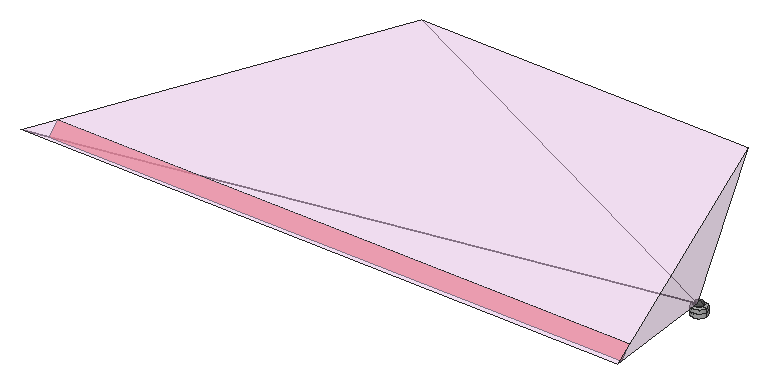
Revit family "Camera-Security-Panasonic-Super_Dynamic-Vandal_Resistant-Waterproof-Dome-Network-S2531LNSeriesX", category Security Devices, host Face, Revit 2016
Family settings
  Host = Face
  Maintain Annotation Orientation = No
  Part Type = Normal
  Round Connector Dimension = Use Diameter
  OmniClass Number = 23.85.10.14.11
  OmniClass Title = Cameras
  Cut with Voids When Loaded = No
  Shared = No
  Room Calculation Point = No
Parameters (values of type "WV-S2531LN")
  z Zero = 0.000"  # constant formula
  z Yaw Actual [instance] = if(and(On Wall, not(On Ceiling)), Yaw Actual, Yaw Actual + 180.00°)  # 180.00°
  z VV Viewpoint Depth Min = 0.82283"
  z VV Viewpoint Depth Max = 1.15354"
  z VV Viewpoint Depth [instance] = (z VV Viewpoint Depth Max - z VV Viewpoint Depth Min) * z HFOV Ratio + z VV Viewpoint Depth Min  # 0.95003"
  z VV Origin Horizontal Offset [instance] = 0.000"
  z VV Origin HeightX [instance] = if(z Camera Type = 1, 2.42126", 2.25591")  # 2.25591"
  z VV Origin Height [instance] = if(Has Ceiling Mount, z Ceiling Mount Bottom Offset + z VV Origin HeightX + 1.41732", z VV Origin HeightX + 1.41732")  # 3.67323"
  z VV Origin Angle [instance] = 0.00°
  z Tilt Actual [instance] = Tilt Actual  # 45.00°
  z Pan Actual Safe [instance] = if(Pan Actual = -180.00°, 180.00°, Pan Actual)  # 0.00°
  z Pan Actual [instance] = Pan Actual  # 0.00°
  z Level Offset = 19.68504"
  z Has No Mount [instance] = and(not(z Has Wall Mount Bracket), not(z Has Ceiling Mount Bracket))  # yes
  z Has CW63xS Mount Bracket Actual [instance] = and(z Has CW63xS Mount Bracket, not(Has Ceiling Mount))  # no
  z Half Height of LowerBase = (z Base Height - 0.500") / 2  # 1.56102"
  z HFOV Ratio [instance] = (Horizontal FOV Actual - Horizontal FOV Min) / (Horizontal FOV Max - Horizontal FOV Min)  # 0.38462
  z Dome Radius = 1.85039"
  z Const Yaw Handle Length = 9.25197"  # constant formula
  z Const Yaw Base2 Length = 17.32283"  # constant formula
  z Const Yaw Base Length = 10.23622"  # constant formula
  z Const Tilt Handle Length = 11.81102"  # constant formula
  z Const Tilt Base2 Length = 19.68504"  # constant formula
  z Const Tilt Base Length = 9.84252"  # constant formula
  z Const Pan Handle Length = 19.48819"  # constant formula
  z Ceiling Mount Bottom Offset = -3.10236"
  z Camera Type [instance] = 0
  z Camera Resolution Type = 1
  z Camera Center Offset [instance] = if(z Has Wall Mount Bracket, 0.51181", 0.000")  # 0.000"
  z Camera Bottom Height [instance] = if(z Has Wall Mount Bracket, 9.32402", if(z Has Ceiling Mount Bracket, 7.240", if(Has Ceiling Mount, z Ceiling Mount Bottom Offset, 0.000"))) + 19.68504"  # 19.68504"
  z Camera Angle [instance] = if(z Has Wall Mount Bracket, 0.00°, 90.00°)  # 90.00°
  z Base is Visible [instance] = not(Has Ceiling Mount)  # yes
  z Base Radius = 3.22835"  # constant formula
  z Base Height = 3.62205"
  Yawing Range = "-100 to +100"  # constant formula
  Yaw Min = -100.00°  # constant formula
  Yaw Max = 100.00°  # constant formula
  Yaw Desired [instance] = 0.00°
  Yaw Actual [instance] = if(Yaw Desired > Yaw Max, Yaw Max, if(Yaw Desired < Yaw Min, Yaw Min, Yaw Desired))  # 0.00°
  Wide Dynamic Range = yes
  Weight [instance] = if(Has Ceiling Mount, 2.65 lbf, 3.53 lbf)  # 3.53 lbf
  Water and Dust Resistance = "IP66, IEC60529 measuring standard compatible, Type 4X(UL50), NEMA 4X compliant"  # constant formula
  Voltage DC = 12 V  # constant formula
  Vertical FOV Min [instance] = if(and(Aspect Ratio 4_3, not(Aspect Ratio 16_9)), VFOV Min 43, VFOV Min 169)  # 17.00°
  Vertical FOV Max [instance] = if(and(Aspect Ratio 4_3, not(Aspect Ratio 16_9)), VFOV Max 43, VFOV Max 169)  # 58.00°
  Vertical FOV Actual [instance] = z HFOV Ratio * (Vertical FOV Max - Vertical FOV Min) + Vertical FOV Min  # 32.7692°
  Vandal Resistant = yes
  VFOV Min 43 = 19.00°
  VFOV Min 169 = 17.00°
  VFOV Max 43 = 65.00°
  VFOV Max 169 = 58.00°
  URL = "http://security.panasonic.com/pss/security/"
  Tilting Range = "-30 to +85"  # constant formula
  Tilt Min = -30.00°  # constant formula
  Tilt Max = 85.00°  # constant formula
  Tilt Desired [instance] = 45.00°
  Tilt Actual [instance] = if(Tilt Desired > Tilt Max, Tilt Max, if(Tilt Desired < Tilt Min, Tilt Min, Tilt Desired))  # 45.00°
  Storage Temperature = "40°F - 122°F"  # constant formula
  Show View Volume [instance] = yes
  Shock Resistance = "Compliant with 50J IEC60068-2-75, IK10 (IEC 62262)"  # constant formula
  Resolution_HD [instance] = no
  Resolution_FullHD [instance] = yes
  Regulatory Compliance = "UL UL60950-1, C-UL CAN/CSA C22.2 No.60950-1, CE, IEC60950-1 FCC Part15 ClassA, ICES003 ClassA, EN55022 ClassB, EN55024"  # constant formula
  Provide Feedback = "https://www.surveymonkey.com/s/95FL6QY"
  Product Page URL = "http://security.panasonic.com/products/wv-s2531ln/"
  Product Material = Paint - Panasonic - Light Gray
  Product Documentation Link = "http://ssbu-t.psn-web.net/Products/IP_camera/WV-S2531LN/Specsheet/WV-S2531LN-A4.pdf"
  Power Active = 9.0 W  # constant formula
  Part Number = Model  # "WV-S2531LN"
  Part Description = Description  # "Security Camera, Fixed Dome, Network, Super Dynamic Vandal Resistant  Weatherproof,FullHD"
  Panning Range = "-180 to +180"  # constant formula
  Pan Min = -180.00°  # constant formula
  Pan Max = 180.00°  # constant formula
  Pan Desired [instance] = 0.00°
  Pan Actual [instance] = if(Pan Desired > Pan Max, Pan Max, if(Pan Desired < Pan Min, Pan Min, Pan Desired))  # 0.00°
  PPM Desired [instance] = 300
  PPM Actual [instance] = if(PPM Desired > 1, PPM Desired, 1)  # 300
  Original Creation Date = "2016/10/31"
  Operational Temperature = "40°F - 122°F"  # constant formula
  Operational Humidity = "10% to 90% (no condensation)"
  On Wall [instance] = no
  On Ceiling [instance] = yes
  Mounting Positions = "Surface Mount"  # constant formula
  Model Disclaimer = "Contact Panasonic for more information"  # constant formula
  Model = "WV-S2531LN"
  Minimum Illumination = 0.012 lx
  Manufacturer = "Panasonic"  # constant formula
  Indoor Or Outdoor = "Outdoor"  # constant formula
  IP Or Analog = "IP"  # constant formula
  Horizontal Resolution Actual [instance] = if(and(Aspect Ratio 4_3, not(Aspect Ratio 16_9)), Horizontal Resolution 43, Horizontal Resolution 169)  # 1920
  Horizontal Resolution 43 [instance] = if(not(z Camera Resolution Type = 1), 1280, if(and(Resolution_HD, not(Resolution_FullHD)), 1280, 2048))  # 2048
  Horizontal Resolution 169 [instance] = if(not(z Camera Resolution Type = 1), 1280, if(and(Resolution_HD, not(Resolution_FullHD)), 1280, 1920))  # 1920
  Horizontal FOV Min [instance] = if(and(Aspect Ratio 4_3, not(Aspect Ratio 16_9)), HFOV Min 43, HFOV Min 169)  # 30.00°
  Horizontal FOV Max [instance] = if(and(Aspect Ratio 4_3, not(Aspect Ratio 16_9)), HFOV Max 43, HFOV Max 169)  # 108.00°
  Horizontal FOV Desired [instance] = 60.00°
  Horizontal FOV Actual [instance] = if(Horizontal FOV Desired > Horizontal FOV Max, Horizontal FOV Max, if(Horizontal FOV Desired < Horizontal FOV Min, Horizontal FOV Min, Horizontal FOV Desired))  # 60.00°
  Height = 5.47244"  # constant formula
  z Has Wall Mount Bracket = (1 = 0)  # no
  Has POE = yes
  z Has Ceiling Mount Bracket = (1 = 0)  # no
  Has Ceiling Mount [instance] = no
  z Has CW63xS Mount Bracket = (1 = 0)  # no
  HFOV Min 43 = 25.00°
  HFOV Min 169 = 30.00°
  HFOV Max 43 = 90.00°
  HFOV Max 169 = 108.00°
  Family Version = "1.0.0"  # constant formula
  Equipment Number [instance] = ""
  Equipment Abbreviation = "SC"
  Distance to Screen [instance] = 393.70079"
  Distance to PPM Target [instance] = if(PPM Actual = 0, 0.000", 39.37008" * Horizontal Resolution Actual / (PPM Actual * 2 * tan(Horizontal FOV Actual / 2)))  # 218.21113"
  Distance to Floor [instance] = 118.11024"
  Distance to Ceiling [instance] = 0.000"
  Diameter = 6.45669"  # constant formula
  Description = "Security Camera, Fixed Dome, Network, Super Dynamic Vandal Resistant  Weatherproof,FullHD"
  Default Elevation = 0.000"
  Day Or Night = "Yes"  # constant formula
  Date Last Modified = "2016/10/31"
  Copyright = "Copyright © Panasonic"  # constant formula
  Communication Ports = "10Base-T / 100Base-TX, RJ45 connector"  # constant formula
  Audio Out = "Yes"  # constant formula
  Audio In = "Yes"  # constant formula
  Aspect Ratio 4_3 [instance] = no
  Aspect Ratio 16_9 [instance] = yes
  Angle Of View = "108"
  Alarm Input Or Output Specification = "ALARM IN 1 (DAY/NIGHT IN, Auto time adjustment) (x1),ALARM IN 2 (ALARM OUT) (x1), ALARM IN 3 (AUX OUT) (x1)"  # constant formula
  Accessory Part Number [instance] = if(z Has Wall Mount Bracket, if(or(z Has Ceiling Mount Bracket, Has Ceiling Mount), "Select only one Mounting Option", "WV-Q122A"), if(z Has Ceiling Mount Bracket, if(Has Ceiling Mount, "Select only one Mounting Option", "WV-Q121B"), if(Has Ceiling Mount, "WV-Q169A", "Select a Mounting Option")))  # "Select a Mounting Option"
Types (3): name | z VV Viewpoint Depth Min | z VV Viewpoint Depth Max | z VV Viewpoint Depth | z VV Origin HeightX | z VV Origin Height | z HFOV Ratio | z Camera Type | z Camera Resolution Type | Vertical FOV Min | Vertical FOV Max | Vertical FOV Actual | VFOV Min 43 | VFOV Min 169 | VFOV Max 43 | VFOV Max 169 | Resolution_HD | Resolution_FullHD | Product Page URL | Product Documentation Link | Part Number | Part Description | Original Creation Date | Operational Humidity | Model | Minimum Illumination | Horizontal Resolution Actual | Horizontal Resolution 43 | Horizontal Resolution 169 | Horizontal FOV Min | Horizontal FOV Max | Horizontal FOV Actual | HFOV Min 43 | HFOV Min 169 | HFOV Max 43 | HFOV Max 169 | Distance to PPM Target | Description | Date Last Modified | Angle Of View
  WV-S2531LN | 0.82283" | 1.15354" | 0.95003" | 2.25591" | 3.67323" | 0.38462 | 0 | 1 | 17.00° | 58.00° | 32.7692° | 19.00° | 17.00° | 65.00° | 58.00° | no | yes | "http://security.panasonic.com/products/wv-s2531ln/" | "http://ssbu-t.psn-web.net/Products/IP_camera/WV-S2531LN/Specsheet/WV-S2531LN-A4.pdf" | "WV-S2531LN" | "Security Camera, Fixed Dome, Network, Super Dynamic Vandal Resistant  Weatherproof,FullHD" | "2016/10/31" | "10% to 90% (no condensation)" | "WV-S2531LN" | 0.012 lx | 1920 | 2048 | 1920 | 30.00° | 108.00° | 60.00° | 25.00° | 30.00° | 90.00° | 108.00° | 218.21113" | "Security Camera, Fixed Dome, Network, Super Dynamic Vandal Resistant  Weatherproof,FullHD" | "2016/10/31" | "108"
  WV-S2511LN | 0.82283" | 1.15354" | 0.95003" | 2.25591" | 3.67323" | 0.38462 | 0 | 2 | 17.00° | 58.00° | 32.7692° | 19.00° | 17.00° | 65.00° | 58.00° | yes | no | "http://security.panasonic.com/products/wv-s2511ln/" | "http://ssbu-t.psn-web.net/Products/IP_camera/WV-S2511LN/Specsheet/WV-S2511LN-A4.pdf" | "WV-S2511LN" | "Security Camera, Fixed Dome, Network, Super Dynamic  Vandal Resistant  Weatherproof,HD" | "2016/10/31" | "10% to 90% (no condensation)" | "WV-S2511LN" | 0.008 lx | 1280 | 1280 | 1280 | 30.00° | 108.00° | 60.00° | 25.00° | 30.00° | 90.00° | 108.00° | 145.47408" | "Security Camera, Fixed Dome, Network, Super Dynamic  Vandal Resistant  Weatherproof,HD" | "2016/10/31" | "108"
  WV-S2531LTN | 0.80315" | 1.13504" | 1.13504" | 2.42126" | 3.83858" | 1 | 1 | 1 | 8.00° | 19.00° | 19.00° | 9.00° | 8.00° | 21.00° | 19.00° | no | yes | "http://security.panasonic.com/products/wv-s2531ltn/" | "http://ssbu-t.psn-web.net/Products/IP_camera/WV-S2531LTN/Specsheet/WV-S2531LTN-A4.pdf" | "WV-S2531LTN" | "Security Camera, Fixed Dome, Network, Super Dynamic Vandal Resistant,Weatherproof,FullHD" | "2017/05/31" | "10% to 100% (no condensation)" | "WV-S2531LTN" | 0.015 lx | 1920 | 2048 | 1920 | 14.00° | 34.00° | 34.00° | 12.00° | 14.00° | 28.00° | 34.00° | 412.07592" | "Security Camera, Fixed Dome, Network, Super Dynamic Vandal Resistant,Weatherproof,FullHD" | "2017/05/31" | "34"
Reference planes (in)
  plane 1 "Center (Front/Back)": y = 0
  plane 2: z = 0
  plane 3 "Center (Left/Right)": x = 0
  plane 4 "Body Bottom": z = 0
  plane 5: y = 0
  plane 6: z = 15.43307
  plane 7 "Level Offset": z = -19.68504
  plane 8: y = 2.8937
  plane 9 "BP": z = 3.67323
Forms (in)
  Revolve 1, solid, material "Glass - Panasonic - Black"
    sketch origin (0, 0, 1.06947) x (0, 0, 1) y (1, 0, 0)
      loop
        line (4.40298, 0) -> (2.55258, 0) -> (2.55258, -1.85039)
        arc (2.55258, -1.85039) -> (3.86101, -1.30843) -> (4.40298, 0) r 1.85039
      axis (4.40298, 0) -> (2.55258, 0)
    angle from 0 to 360
  Revolve 2, solid, material "Paint - Panasonic - Light Gray" <- "Product Material", visible <- "z Base is Visible"
    sketch origin (0, 0, 0) x (0, 0, 1) y (1, 0, 0)
      loop
        line (0, 0) -> (3.62205, 0) -> (3.62205, 2.16535) -> (3.12205, 3.14961) -> (1.56102, 3.14961) -> (1.56102, 3.22835) -> (0, 3.22835) -> (0, 0)
      axis (3.62205, 0) -> (0, 0)
    angle from 0 to 360
  Revolve 3, solid, material "Paint - Panasonic - Light Gray" <- "Product Material", visible <- "Has Ceiling Mount"
    sketch origin (0, 0, 0) x (0, 0, 1) y (0, -1, 0)
      loop
        line (3.62205, 0) -> (3.54331, 0) -> (3.54331, -1.85039) -> (3.62205, -1.85039) -> (3.62205, 0)
      axis (3.54331, 0) -> (3.62205, 0)
    angle from 0 to 360
Lines and regions (in)
  reference lines
    curve 1: line (0, 0, 0) -> (0, 0, 3.62205)
    curve 2: line (0, -1, 12.30955) -> (0, 1, 12.30955)
  symbolic lines, visible <- "z Has Wall Mount Bracket"
    curve 3: line (-1.15, -2.6875, 0) -> (1.15, -2.6875, 0)
Dimensions and locks (in)
  "z Camera Center Offset": plane 5 to plane 1 "Center (Front/Back)"
  "z Base Height": curve 1 to curve 1
  "z Base Radius": Revolve 2 sketch curve to Revolve 2 sketch curve
  "z Dome Radius": Revolve 1 sketch curve to Revolve 1 sketch curve
  "z Level Offset": level to plane 7 "Level Offset"
  "z Camera Bottom Height": plane 4 "Body Bottom" to plane 7 "Level Offset"
  locked: Revolve 2 sketch curve to Revolve 2 sketch curve at 0.07874
  locked: Revolve 2 sketch curve to Revolve 2 sketch curve at 2.16535
  locked: Revolve 2 sketch curve to Revolve 2 sketch curve at 0.5
  equal spacing: Revolve 2 sketch curve, Revolve 2 sketch curve, Revolve 2 sketch curve
  "z Half Height of LowerBase": Revolve 2 sketch curve to Revolve 2 sketch curve
  plane 8 to plane 5 = 2.8937"
  "z Dome Radius": Revolve 3 sketch curve to Revolve 3 sketch curve
  "z VV Origin Height": plane 9 "BP" to host face
  "z Dome Radius": radius of Revolve 1 sketch curve
  "z Camera Angle": angle curve 1 to plane 4 "Body Bottom"
  aligned and locked: plane 2 to host face
  aligned and locked: level to host face
  aligned and locked: plane 4 "Body Bottom" to curve 1
  aligned and locked: plane 5 to curve 1
  aligned and locked: Revolve 1 to curve 1
  aligned and locked: plane 5 to nested 1
  aligned and locked: plane 3 "Center (Left/Right)" to Revolve 2 sketch curve  (x2)
  aligned and locked: Revolve 1 sketch curve to curve 1  (x2)
  aligned and locked: curve 1 to Revolve 3 sketch curve
  aligned and locked: Revolve 2 to Revolve 3 sketch curve
  aligned and locked: nested 2 to plane 3 "Center (Left/Right)"
  aligned and locked: nested 2 to plane 1 "Center (Front/Back)"
Automatic sketch dimensions
  host sketch curve to host sketch curve = 96.000"  (x2)
  curve 3 to plane 3 "Center (Left/Right)" = 1.150"
  plane 3 "Center (Left/Right)" to curve 3 = 1.150"
  curve 1 to curve 2 = 1.000"
  curve 1 to curve 2 = 8.6875"
  curve 2 to curve 1 = 1.000"
  plane 1 "Center (Front/Back)" to curve 3 = 2.6875"
  Revolve 1 sketch curve to curve 1 = 0.000"
  Revolve 1 sketch curve to Revolve 1 sketch curve = 6.57187"
  Revolve 1 sketch curve to Revolve 1 sketch curve = 3.750"
  Revolve 2 sketch curve to curve 1 = 0.000"  (x2)
  Revolve 2 sketch curve to Revolve 2 sketch curve = 0.45341"
  Revolve 2 sketch curve to Revolve 2 sketch curve = 0.35909"
  Revolve 3 sketch curve to curve 1 = 0.07874"
  Revolve 3 sketch curve to curve 1 = 0.000"  (x3)
Nested families (in)
  nested 1: "CeilingMount" at (0, 0, 0), visible <- "Has Ceiling Mount", Dome Radius <- "z Dome Radius", type "Mount"
    with z Bracket Radius 4.13976", Product Material Paint - Panasonic - Silver, Has Ceiling Mount yes, Dome Radius 1.85039"
  nested 2: "Camera-Security-Panasonic-ViewVolumePTYZ" at (0, 0, 3.67323), Viewpoint Depth <- "z VV Viewpoint Depth", Base Height Offset <- "z VV Origin Height", Base Angle Offset <- "z VV Origin Angle", Viewpoint Origin Horizontal Offset <- "z VV Origin Horizontal Offset", Yaw <- "Yaw Actual", Tilt <- "Tilt Actual", Pan <- "Pan Actual", HFOV <- "Horizontal FOV Actual", VFOV <- "Vertical FOV Actual", On Wall <- "On Wall", On Ceiling <- "On Ceiling", Screen Depth <- "Distance to Screen", Floor Distance <- "Distance to Floor", Ceiling Distance <- "Distance to Ceiling", Target Depth <- "Distance to PPM Target", visible <- "Show View Volume", type "Camera-Security-Panasonic-ViewVolumePTYZ"
    with z Yaw Actual 0.00°, z Void Width 1251.2546", z Void Thickness 398.32405", z Void Height Start -625.6273", z Void Height End 625.6273", z Void Direction 0, z Void Angle 0.00°, z Viewpoint Depth 0.95003", z Tilt Actual 45.00°, z Target Width 251.9685", z Target Visible yes, z Target Height 128.31873", z Target Depth 219.16116", z Screen Width 454.60651", z Screen Height 231.51516", z Screen Depth 394.65082", z Pan Actual 0.00°, z Floor Distance 118.11024", z Ceiling Distance 0.000", Yaw 0.00°, Viewpoint Origin Horizontal Offset 0.000", Viewpoint Depth 0.95003", VFOV 32.7692°, Tilt 45.00°, Target Depth 218.21113", Screen Depth 393.70079", Pan 0.00°, On Wall no, On Floor no, On Default Mount Type 0, On Ceiling yes, HFOV 60.00°, Floor Distance 118.11024", Ceiling Distance 0.000", Base Height Offset 3.67323", Base Angle Offset 0.00°
Connectors (in)
  electrical at (0, 0, 0), driven by "Voltage DC", driven by "Power Active"
    settings: on Revolve 2, index 1, voltage 12 V, apparent load 9.0 W, apparent load phase1 0.0 W, apparent load phase2 0.0 W, apparent load phase3 0.0 W, power factor 1, load classification "Other", number of poles 1, system type 30, power factor state 1, is connector primary yes, connector utility no, sub classification motor no, connector description "Electrical Connection"
  electrical at (0, 0, 0)
    settings: on Revolve 2, index 2, voltage 0 V, apparent load 0.0 W, apparent load phase1 0.0 W, apparent load phase2 0.0 W, apparent load phase3 0.0 W, power factor 1, load classification "Other", number of poles 1, system type 5, power factor state 1, is connector primary no, connector utility no, sub classification motor no, connector description "Data Connection"
Definition of nested family "CeilingMount"
  Parameters
    z Bracket Radius [instance] = Dome Radius + 2.28937"  # 4.53937"
    URL = "http://panasonic.net"
    Product Material [instance] = none
    Part Number = Model  # "WV-Q169A"
    Model = "WV-Q169A"
    Manufacturer = "Panasonic"
    Keynote = ""
    Has Ceiling Mount [instance] = yes
    Dome Radius [instance] = 2.250"
    Default Elevation = 0.000"
    Assembly Code = ""
  Reference planes (in)
    plane 1 "Center (Front/Back)": y = 0
    plane 2: z = 0
    plane 3 "Center (Left/Right)": x = 0
    plane 4: z = 0.51969
    plane 5: z = 0.22
    plane 6: z = 0
    plane 7: x = -2.25
    plane 8: z = 0.32
    plane 9: z = 4.32
    plane 10: z = 3.146
    plane 11: z = 3.814
    plane 12: z = -3.63
    plane 13: z = -3.24904
    plane 14: z = -3.12404
    plane 15: z = 5.5
    plane 16: z = 7.75
    plane 17: y = -2.75
    plane 18: y = 2.75
    plane 19: z = 0.5
    plane 20: y = -1.56732
    plane 21: y = 1.33268
    plane 22: x = 3.05
    plane 23: x = 3.25
    plane 24: x = 3.1565
    plane 25: y = -3.25
    plane 26: y = -3
    plane 27: x = 2.9065
    plane 28: x = 3.7815
    plane 29: y = 0.375
    plane 30: y = -0.375
    plane 31: x = -4.53937
  Forms (in)
    Extrusion 1, solid
      sketch origin (0, 0, 0) x (1, 0, 0) y (0, 1, 0)
        loop
          line (-48, 48) -> (-48, -48) -> (48, -48) -> (48, 48) -> (-48, 48)
      from 0 to -12
    Revolve 2, solid, visible <- "Has Ceiling Mount"
      sketch origin (0, 0, 0) x (1, 0, 0) y (0, 0, 1)
        loop
          line (-4.53937, 0.22) -> (-4.53937, 0) -> (-2.25, 0) -> (-2.25, 0.51969) -> (-3.67646, 0.51969) -> (-4.53937, 0.22)
        axis (0, 0) -> (0, 0.51969)
      angle from 0 to 360
  Dimensions and locks (in)
    plane 5 to plane 6 = 0.220"
    locked: plane 4 to plane 6 at 0.51969
    "Dome Radius": plane 3 "Center (Left/Right)" to plane 7
    plane 15 to Extrusion 1 = 5.500"
    locked: plane 20 to plane 21 at 2.9
    "z Bracket Radius": plane 3 "Center (Left/Right)" to plane 31
    aligned and locked: plane 2 to Extrusion 1
    aligned and locked: level to Extrusion 1
    aligned and locked: Revolve 2 sketch curve to plane 4
  Automatic sketch dimensions
    Extrusion 1 sketch curve to Extrusion 1 sketch curve = 96.000"  (x2)
    Revolve 2 sketch curve to level = 0.000"
    plane 31 to Revolve 2 sketch curve = 0.000"
    Revolve 2 sketch curve to plane 7 = 0.000"
    Revolve 2 sketch curve to plane 5 = 0.000"
    Revolve 2 sketch curve to plane 3 "Center (Left/Right)" = 0.000"
    Revolve 2 sketch curve to plane 31 = 0.86291"
    plane 4 to Revolve 2 sketch curve = 0.13987"
    Revolve 2 sketch curve to Revolve 2 sketch curve = 0.17601"
Definition of nested family "Camera-Security-Panasonic-ViewVolumePTYZ"
  Parameters
    z Yaw Actual [instance] = if(Yaw < 0.00°, 360.00° - (abs(Yaw) - rounddown(abs(Yaw) / 360.00°) * 360.00°), Yaw - rounddown(Yaw / 360.00°) * 360.00°)  # 0.00°
    z Void Width [instance] = if(z Screen Width > z Screen Height, z Screen Width, z Screen Height) + abs(Viewpoint Origin Horizontal Offset) + z Void Thickness * 2  # 1265.63013"
    z Void Thickness [instance] = z Screen Depth + abs(Base Height Offset)  # 405.51181"
    z Void Height Start [instance] = -z Void Width / 2  # -632.81507"
    z Void Height End [instance] = z Void Width / 2  # 632.81507"
    z Void Direction [instance] = if((if(On Wall, 1, 0) + if(On Floor, 1, 0) + if(On Ceiling, 1, 0)) = 1, if(On Ceiling, 0, if(On Wall, 1, 2)), On Default Mount Type)  # 0
    z Viewpoint Depth [instance] = if(Viewpoint Depth < 0.03937", 0.03937", Viewpoint Depth)  # 5.90551"
    z Tilt Actual [instance] = if(Tilt < 0.00°, 360.00° - (abs(Tilt) - rounddown(abs(Tilt) / 360.00°) * 360.00°), Tilt - rounddown(Tilt / 360.00°) * 360.00°)  # 45.00°
    z Target Visible [instance] = not(Screen Depth < Target Depth)  # yes
    z Target Thickness Start = -z Target Thickness / 2  # -0.03937"
    z Target Thickness End = z Target Thickness / 2  # 0.03937"
    z Target Depth [instance] = Target Depth + Viewpoint Depth  # 84.64567"
    z Pan Actual [instance] = if(Pan < 0.00°, 360.00° - (abs(Pan) - rounddown(abs(Pan) / 360.00°) * 360.00°), Pan - rounddown(Pan / 360.00°) * 360.00°)  # 0.00°
    z Floor Distance [instance] = if(z Void Direction = 2, if(Floor Distance < 0.000", 0.000", Floor Distance), if(Floor Distance < 0.3937", 0.3937", Floor Distance))  # 118.11024"
    z Const Yaw Base2 Length = 17.32283"  # constant formula
    z Const Tilt Base2 Length = 19.68504"  # constant formula
    z Ceiling Distance [instance] = if(z Void Direction = 2, if(Ceiling Distance < 0.3937", 0.3937", Ceiling Distance), if(Ceiling Distance < 0.000", 0.000", Ceiling Distance))  # 0.000"
    z Const Void Handle Length = 23.62205"  # constant formula
    z Void Angle [instance] = if(z Void Direction = 0, 0.00° + Base Angle Offset, if(z Void Direction = 1, 90.00° + Base Angle Offset, 180.00° + Base Angle Offset))  # 0.00°
    z Screen Depth [instance] = if(Screen Depth < 3.93701", 3.93701" + Viewpoint Depth, Screen Depth + Viewpoint Depth)  # 399.6063"
    Original Creation Date = "September, 15, 2016"  # constant formula
    On Default Mount Type [instance] = 0
    Manufacturer = "Panasonic"  # constant formula
    Family Version = "1.0.0"  # constant formula
    Default Elevation = 48.000"
    Date Last Modified = "September, 15, 2016"  # constant formula
    Copyright = "Copyright © Panasonic"  # constant formula
    Base Height Offset [instance] = 5.90551"
    Base Angle Offset [instance] = 0.00°
    z Viewpoint Width = 0.03937"  # constant formula
    z Viewpoint Height = 0.03937"  # constant formula
    VFOV [instance] = 33.75°
    z Target Width [instance] = Target Depth * tan(HFOV / 2) * 2  # 90.9213"
    z Target Thickness = 0.07874"  # constant formula
    z Target Height [instance] = Target Depth * tan(VFOV / 2) * 2  # 47.77113"
    Target Depth [instance] = 78.74016"
    z Screen Width [instance] = (z Screen Depth - Viewpoint Depth) * tan(HFOV / 2) * 2  # 454.60651"
    z Screen Height [instance] = (z Screen Depth - Viewpoint Depth) * tan(VFOV / 2) * 2  # 238.85566"
    Screen Depth [instance] = 393.70079"
    z Const Yaw Handle Length = 9.25197"  # constant formula
    z Const Yaw Base Length = 10.23622"  # constant formula
    Viewpoint Depth [instance] = 5.90551"
    Viewpoint Origin Horizontal Offset [instance] = 0.000"
    z Const Tilt Handle Length = 14.17323"  # constant formula
    z Const Tilt Base Length = 9.84252"  # constant formula
    z Const Pan Handle Length = 19.68504"  # constant formula
    z Const Pan Axis Length = 15.74803"  # constant formula
    On Wall [instance] = no
    On Floor [instance] = no
    On Ceiling [instance] = yes
    HFOV [instance] = 60.00°
    Yaw [instance] = 0.00°
    Tilt [instance] = 45.00°
    Pan [instance] = 0.00°
    Floor Distance [instance] = 118.11024"
    Ceiling Distance [instance] = 0.000"
  Reference planes (in)
    plane 1 "Center (Front/Back)": y = 0
    plane 2: z = 0
    plane 3 "Center (Left/Right)": x = 0
    plane 4 "VoidOffsetBase": z = -5.90551
  Forms (in)
    Extrusion 1, void
      sketch origin (0, 0, -5.90551) x (0, 0, 1) y (0, -1, 0)
        loop
          line (523.62205, 632.81507) -> (118.11024, 632.81507) -> (118.11024, -632.81507) -> (523.62205, -632.81507) -> (523.62205, 632.81507)
        loop
          line (0, 632.81507) -> (-405.51181, 632.81507) -> (-405.51181, -632.81507) -> (0, -632.81507) -> (0, 632.81507)
      from -632.81507 <- "z Void Height Start" to 632.81507 <- "z Void Height End"
    Blend 2, solid
      base sketch origin (0, -4.17583, 4.17583) x (0, 0.707107, 0.707107) y (-1, 0, 0)
        loop
          line (-0.01969, -0.01969) -> (0.01969, -0.01969) -> (0.01969, 0.01969) -> (-0.01969, 0.01969) -> (-0.01969, -0.01969)
      top sketch origin (0, -282.56432, 282.56432) x (0, 0.707107, 0.707107) y (-1, 0, 0)
        loop
          line (-119.42783, -227.30326) -> (119.42783, -227.30326) -> (119.42783, 227.30326) -> (-119.42783, 227.30326) -> (-119.42783, -227.30326)
      from 0 to 0
    Extrusion 3, solid, visible <- "z Target Visible"
      sketch origin (0, -59.85353, 59.85353) x (0, 0.707107, 0.707107) y (-1, 0, 0)
        loop
          line (-23.88557, -45.46065) -> (23.88557, -45.46065) -> (23.88557, 45.46065) -> (-23.88557, 45.46065) -> (-23.88557, -45.46065)
      from -0.03937 <- "z Target Thickness Start" to 0.03937 <- "z Target Thickness End"
  Cuts and joins
    Extrusion 1 cuts Blend 2
    Extrusion 1 cuts Extrusion 3
  Lines and regions (in)
    reference lines
      curve 1: line (0, 0, 0) -> (19.68504, 0, 0)
      curve 2: line (0, 0, -15.74803) -> (0, 0, 0)
      curve 3: line (0, 0, 0) -> (0, -9.84252, 0)
      curve 4: line (0, 0, 0) -> (0, 0, 19.68504)
      curve 5: line (0, -10.02199, 10.02199) -> (0, 0, 0)
      curve 6: line (0, 0, 0) -> (0, 7.2381, 7.2381)
      curve 7: line (0, 0, 0) -> (-17.32283, 0, 0)
      curve 8: line (0, 0, 0) -> (-9.25197, 0, 0)
      curve 9: line (0, -4.17583, 4.17583) -> (0, 0, 0)
      curve 10: line (0, 0, 0) -> (0, -59.85353, 59.85353)
      curve 11: line (0, 0, 0) -> (0, -282.56432, 282.56432)
      curve 12: line (-0.01969, -4.16191, 4.18975) -> (0.01969, -4.16191, 4.18975)
      curve 13: line (-0.01969, -4.18975, 4.16191) -> (0.01969, -4.18975, 4.16191)
      curve 14: line (-0.01969, -4.16191, 4.18975) -> (-0.01969, -4.18975, 4.16191)
      curve 15: line (0.01969, -4.16191, 4.18975) -> (0.01969, -4.18975, 4.16191)
      curve 16: line (-45.46065, -42.96388, 76.74317) -> (45.46065, -42.96388, 76.74317)
      curve 17: line (-45.46065, -76.74317, 42.96388) -> (45.46065, -76.74317, 42.96388)
      curve 18: line (-45.46065, -42.96388, 76.74317) -> (-45.46065, -76.74317, 42.96388)
      curve 19: line (45.46065, -42.96388, 76.74317) -> (45.46065, -76.74317, 42.96388)
      curve 20: line (-227.30326, -198.1161, 367.01255) -> (-227.30326, -367.01255, 198.1161)
      curve 21: line (227.30326, -198.1161, 367.01255) -> (227.30326, -367.01255, 198.1161)
      curve 22: line (-227.30326, -198.1161, 367.01255) -> (227.30326, -198.1161, 367.01255)
      curve 23: line (-227.30326, -367.01255, 198.1161) -> (227.30326, -367.01255, 198.1161)
      curve 24: line (0, 0, -5.90551) -> (0, 0, 17.71654)
      curve 25: line (0, -632.81507, 517.71654) -> (0, 632.81507, 517.71654)
      curve 26: line (0, -632.81507, 112.20472) -> (0, -632.81507, 517.71654)
      curve 27: line (0, 632.81507, 112.20472) -> (0, -632.81507, 112.20472)
      curve 28: line (0, 632.81507, 517.71654) -> (0, 632.81507, 112.20472)
      curve 29: line (0, -632.81507, -5.90551) -> (0, 632.81507, -5.90551)
      curve 30: line (0, -632.81507, -411.41732) -> (0, -632.81507, -5.90551)
      curve 31: line (0, 632.81507, -411.41732) -> (0, -632.81507, -411.41732)
      curve 32: line (0, 632.81507, -5.90551) -> (0, 632.81507, -411.41732)
  Dimensions and locks (in)
    "z Const Pan Handle Length": curve 1 to curve 1
    "z Const Pan Axis Length": curve 2 to curve 2
    "z Const Tilt Base Length": curve 3 to curve 3
    "z Const Pan Axis Length": curve 1 to curve 2
    "Viewpoint Origin Horizontal Offset": curve 4 to curve 2
    "z Const Tilt Base2 Length": curve 4 to curve 4
    "z Const Tilt Handle Length": curve 5 to curve 5
    "z Const Yaw Base Length": curve 6 to curve 6
    "z Const Yaw Base2 Length": curve 7 to curve 7
    "z Const Yaw Handle Length": curve 8 to curve 8
    "z Viewpoint Depth": curve 9 to curve 9
    "z Target Depth": curve 10 to curve 10
    "z Screen Depth": curve 11 to curve 11
    equal spacing: curve 13, curve 9, curve 12
    "z Viewpoint Height": curve 13 to curve 12
    equal spacing: curve 14, curve 9, curve 15
    "z Viewpoint Width": curve 14 to curve 15
    equal spacing: curve 17, curve 10, curve 16
    "z Target Height": curve 17 to curve 16
    equal spacing: curve 18, curve 10, curve 19
    "z Target Width": curve 18 to curve 19
    equal spacing: curve 20, curve 11, curve 21
    "z Screen Width": curve 20 to curve 21
    equal spacing: curve 23, curve 11, curve 22
    "z Screen Height": curve 23 to curve 22
    "z Const Void Handle Length": curve 24 to curve 24
    equal spacing: curve 26, curve 24, curve 28
    "z Void Width": curve 26 to curve 28
    "z Floor Distance": curve 27 to curve 24
    "z Ceiling Distance": curve 29 to curve 24
    "z Void Thickness": curve 31 to curve 29
    "z Void Thickness": curve 25 to curve 27
    "Base Height Offset": level to plane 4 "VoidOffsetBase"
    locked: curve 3 to curve 2 (angle 90.00°)
    locked: curve 3 to curve 4 (angle 90.00°)
    "z Tilt Actual": angle curve 4 to curve 5
    locked: curve 6 to curve 7 (angle 90.00°)
    locked: curve 6 to curve 5 (angle 90.00°)
    locked: curve 9 to curve 5 (angle 0.00°)
    locked: curve 10 to curve 5 (angle 0.00°)
    locked: curve 11 to curve 5 (angle 0.00°)
    "z Void Angle": angle plane 1 "Center (Front/Back)" to curve 24
    "z Yaw Actual": angle curve 7 to curve 8
    "z Pan Actual": angle plane 1 "Center (Front/Back)" to curve 1
    aligned and locked: level to plane 2
    aligned and locked: curve 2 to curve 1
    aligned and locked: curve 2 to curve 3
    aligned and locked: curve 3 to curve 2
    aligned and locked: curve 3 to curve 5
    aligned and locked: curve 6 to curve 7
    aligned and locked: curve 6 to curve 8
    aligned and locked: curve 8 to curve 7
    aligned and locked: curve 7 to curve 6
    aligned and locked: curve 5 to curve 11
    aligned and locked: curve 11 to curve 8
    aligned and locked: curve 12 to curve 15
    aligned and locked: curve 15 to curve 15
    aligned and locked: curve 14 to curve 14
    aligned and locked: curve 13 to curve 15
    aligned and locked: curve 16 to curve 19
    aligned and locked: curve 18 to curve 18
    aligned and locked: curve 17 to curve 19
    aligned and locked: curve 22 to curve 22
    aligned and locked: curve 21 to curve 23
    aligned and locked: curve 20 to curve 23
    aligned and locked: curve 23 to curve 23
    aligned and locked: plane 1 "Center (Front/Back)" to curve 24
    aligned and locked: curve 30 to curve 26
    aligned and locked: curve 28 to curve 32
    aligned and locked: Extrusion 1 sketch curve to curve 25
    aligned and locked: Extrusion 1 sketch curve to curve 26
    aligned and locked: Extrusion 1 sketch curve to curve 27
    aligned and locked: Extrusion 1 sketch curve to curve 28
    aligned and locked: Extrusion 1 sketch curve to curve 29
    aligned and locked: Extrusion 1 sketch curve to curve 30
    aligned and locked: Extrusion 1 sketch curve to curve 31
    aligned and locked: Extrusion 1 sketch curve to curve 32
    aligned and locked: Extrusion 1 sketch curve to Extrusion 1 sketch curve  (x8)
    aligned and locked: Blend 2 sketch curve to curve 15
    aligned and locked: Blend 2 sketch curve to curve 13
    aligned and locked: Blend 2 sketch curve to curve 14
    aligned and locked: Blend 2 sketch curve to curve 12
    aligned and locked: Blend 2 sketch curve to Blend 2 sketch curve  (x8)
    aligned and locked: Blend 2 sketch curve to curve 21
    aligned and locked: Blend 2 sketch curve to curve 23
    aligned and locked: Blend 2 sketch curve to curve 20
    aligned and locked: Blend 2 sketch curve to curve 22
    aligned and locked: Extrusion 3 sketch curve to curve 19
    aligned and locked: Extrusion 3 sketch curve to curve 17
    aligned and locked: Extrusion 3 sketch curve to curve 18
    aligned and locked: Extrusion 3 sketch curve to curve 16
    aligned and locked: Extrusion 3 sketch curve to Extrusion 3 sketch curve  (x4)
    aligned and locked: plane 3 "Center (Left/Right)" to curve 1
    aligned and locked: plane 1 "Center (Front/Back)" to curve 1
    aligned and locked: level to curve 2
    aligned and locked: plane 4 "VoidOffsetBase" to curve 24
  Automatic sketch dimensions
    curve 6 to curve 5 = 0.000"
    curve 6 to curve 5 = 10.23622"
